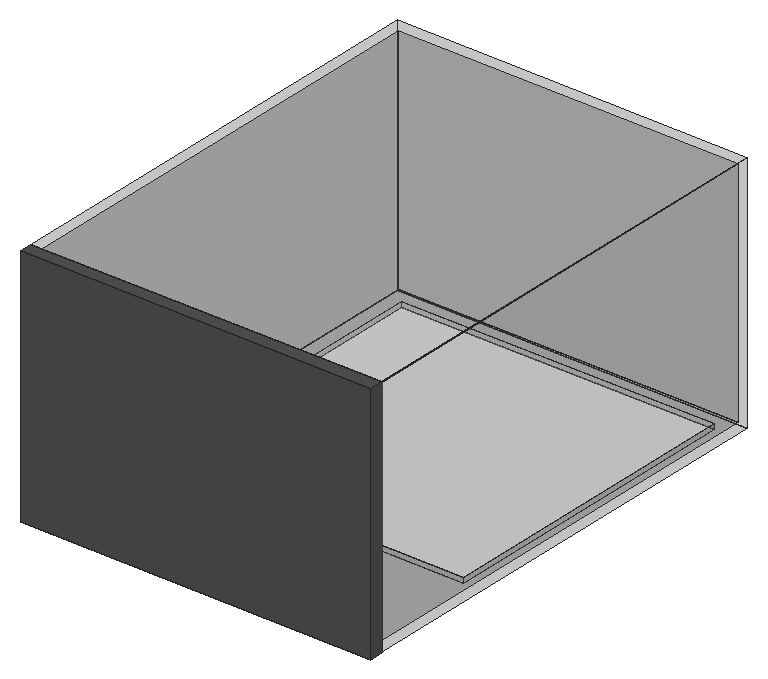
Revit family "Arandela - Quadrada", category Luminárias, Revit 2019
Family settings
  Hospedeiro = Parede
  Cota do conector redondo = Utilizar diâmetro
  Tipo de parte = Normal
  Número OmniClass = 23.80.70.00
  Título OmniClass = Lighting
  Sempre na vertical = Sim
  Corte com vazios quando carregada = Não
  Fonte luminosa = Sim
  Compartilhado = Não
  Ponto de cálculo do ambiente = Não
Parameters (values of type "130x90mm-100W")
  Wattage = 100 W
  Material montado na parede = Metal - Cromo
  built-in parameter 1150110 = 1 (stored number, unit not read)
  built-in parameter 1114217 = 1 (stored number, unit not read)
  Tilt Angle = 60.00°
  Espessura = Largura + 45 mm  # 175 mm
  Ângulo do ponto do campo = 30.00°
  Ângulo do ponto da viga = 15.00°
  Material de sombra = Vidro, Branco, Alta Luminosidade
  Comprimento do símbolo da fonte luminosa = Altura de montagem / (sin(Tilt Angle))  # 2540.341 mm
  Altura = 90 mm
  Largura = 130 mm
  built-in parameter 1150109 = 1 (stored number, unit not read)
  built-in parameter 1150134 = (empty or 0)
  built-in parameter 1150113 = 1 (stored number, unit not read)
  Altura de montagem = 2200 mm
  Material da luminária = Pano, Sombra da lâmpada
  Lumens = 14854.2 lm
  built-in parameter 1150115 = 1 (stored number, unit not read)
  built-in parameter 1150105 = 205177.2 (stored number, unit not read)
  built-in parameter 1150137 = (empty or 0)
  built-in parameter 1150139 = (empty or 0)
  built-in parameter 1150112 = 1 (stored number, unit not read)
  built-in parameter 1150114 = 1 (stored number, unit not read)
  built-in parameter 1150132 = (empty or 0)
  built-in parameter 1150102 = (empty or 0)
  built-in parameter 1150138 = (empty or 0)
  built-in parameter 1150107 = 3000 (stored number, unit not read)
  built-in parameter 1150106 = 2051.8 (stored number, unit not read)
  built-in parameter 1150104 = 13.8 (stored number, unit not read)
  Dimming Lamp Color Temperature Shift = (empty or 0)
  Color Filter = 16777215
  built-in parameter 1114218 = 1 (stored number, unit not read)
  built-in parameter 1150133 = 10 (stored number, unit not read)
Reference planes
  plane 1: y = 0
  plane 2 "Eixo de origem da luz (E/D)": x = 125
  plane 3 "Eixo da fonte de luz (F/T)": y = 185
  plane 4 "Elevação da origem da luz": z = 2200
  plane 5: z = 2245
  plane 6: z = 2155
  plane 7: z = 0
  plane 8: x = 190
  plane 9: x = 60
  plane 10: y = 120
  plane 11: z = 2245
  plane 12: z = 2155
  plane 13: y = 250
  plane 14: z = 2243
  plane 15: z = 2157
  plane 16: x = 62
  plane 17: x = 188
  plane 18: y = 248
  plane 19: y = 122
  plane 20: y = 243
  plane 21: x = 67
  plane 22: x = 183
  plane 23: y = 127
  plane 24: z = 2157
  plane 25: y = 80
  plane 26: y = 82
  plane 27: y = 87
Forms (mm)
  Extrusion 1, solid, material "Pano, Sombra da lâmpada" <- "Material da luminária"
    sketch origin (0, 0, 2200) x (1, 0, 0) y (0, 1, 0)
      loop
        line (60, 250) -> (60, 80) -> (190, 80) -> (190, 250) -> (60, 250)
      loop
        line (62, 248) -> (62, 82) -> (188, 82) -> (188, 248) -> (62, 248)
    from -45 to 45
  Extrusion 2, solid, material "Pano, Sombra da lâmpada" <- "Material da luminária"
    sketch origin (0, 0, 2200) x (1, 0, 0) y (0, 1, 0)
      loop
        line (62, 248) -> (62, 82) -> (188, 82) -> (188, 248) -> (62, 248)
    from 43 to 45
  Extrusion 3, solid, material "Metal - Cromo" <- "Material montado na parede"
    sketch origin (0, 0, 2200) x (1, 0, 0) y (0, 1, 0)
      loop
        line (60, 80) -> (60, 75) -> (190, 75) -> (190, 80) -> (60, 80)
    from -45 to 45
  Extrusion 4, solid, material "Vidro, Branco, Alta Luminosidade" <- "Material de sombra"
    sketch origin (0, 0, 2200) x (1, 0, 0) y (0, 1, 0)
      loop
        line (67, 243) -> (67, 127) -> (183, 127) -> (183, 243) -> (67, 243)
    from -45 to -43
  Extrusion 5, solid, material "Pano, Sombra da lâmpada" <- "Material da luminária"
    sketch origin (0, 0, 2200) x (1, 0, 0) y (0, 1, 0)
      loop
        line (62, 248) -> (62, 82) -> (188, 82) -> (188, 248) -> (62, 248)
      loop
        line (67, 243) -> (67, 127) -> (183, 127) -> (183, 243) -> (67, 243)
    from -45 to -43
Cuts and joins
  joined: Extrusion 1, Extrusion 2, Extrusion 5
Text (mm)
  text "Lado da coloca玢o" at (-1787.139, 1116.779, 0), in view "Nível de referência"
  text "Lado da coloca玢o" at (0, 2110.396, 2986.058), in view "Esquerda"
  text "Lado da coloca玢o" at (0, 628.478, 3011.967), in view "Direita"
Dimensions and locks
  "Altura de montagem": plane 7 to plane 4 "Elevação da origem da luz"
  equal spacing: plane 6, plane 4 "Elevação da origem da luz", plane 5
  "Altura": plane 6 to plane 5
  equal spacing: plane 9, plane 2 "Eixo de origem da luz (E/D)", plane 8
  "Largura": plane 9 to plane 8
  equal spacing: plane 12, plane 4 "Elevação da origem da luz", plane 11
  "Altura": plane 12 to plane 11
  equal spacing: plane 13, plane 3 "Eixo da fonte de luz (F/T)", plane 10
  "Largura": plane 13 to plane 10
  locked: plane 14 to plane 5 at 2
  locked: plane 6 to plane 15 at 2
  locked: plane 10 to plane 19 at 2
  locked: plane 13 to plane 18 at 2
  locked: plane 9 to plane 16 at 2
  locked: plane 17 to plane 8 at 2
  locked: plane 18 to plane 20 at 5
  locked: plane 16 to plane 21 at 5
  locked: plane 22 to plane 17 at 5
  locked: plane 23 to plane 19 at 5
  locked: plane 12 to plane 24 at 2
  "Espessura": plane 13 to host wall
  locked: plane 25 to host wall at 5
  plane 27 to plane 26 to plane 25 = 5 mm locked, 2 mm locked
  aligned and locked: plane 1 to host wall
  aligned and locked: plane 4 "Elevação da origem da luz" to imposter light
  aligned and locked: level to plane 7
  aligned and locked: plane 5 to Extrusion 1
  aligned and locked: plane 6 to Extrusion 1
  aligned and locked: Extrusion 2 to plane 14
  aligned and locked: plane 5 to Extrusion 2
  aligned and locked: Extrusion 3 to plane 12
  aligned and locked: plane 11 to Extrusion 3
  aligned and locked: plane 15 to Extrusion 4
  aligned and locked: plane 6 to Extrusion 4
  aligned and locked: plane 13 to Extrusion 1 sketch curve
  aligned and locked: Extrusion 1 sketch curve to plane 9
  aligned and locked: plane 8 to Extrusion 1 sketch curve
  aligned and locked: Extrusion 1 sketch curve to plane 18
  aligned and locked: Extrusion 1 sketch curve to plane 16
  aligned and locked: Extrusion 1 sketch curve to plane 17
  aligned and locked: Extrusion 2 sketch curve to plane 18
  aligned and locked: Extrusion 2 sketch curve to plane 16
  aligned and locked: Extrusion 2 sketch curve to plane 17
  aligned and locked: Extrusion 4 sketch curve to plane 20
  aligned and locked: plane 22 to Extrusion 4 sketch curve
  aligned and locked: plane 23 to Extrusion 4 sketch curve
  aligned and locked: plane 21 to Extrusion 4 sketch curve
  aligned and locked: Extrusion 5 sketch curve to plane 18
  aligned and locked: Extrusion 5 sketch curve to plane 16
  aligned and locked: Extrusion 5 sketch curve to plane 17
  aligned and locked: Extrusion 5 sketch curve to plane 20
  aligned and locked: plane 21 to Extrusion 5 sketch curve
  aligned and locked: plane 22 to Extrusion 5 sketch curve
  aligned and locked: plane 24 to Extrusion 5
  aligned and locked: Extrusion 5 to plane 12
  aligned and locked: Extrusion 3 sketch curve to cut or joined group of Extrusion 1, Extrusion 2, Extrusion 5
  aligned and locked: host wall to Extrusion 3 sketch curve
  aligned and locked: plane 8 to Extrusion 3 sketch curve
  aligned and locked: plane 3 "Eixo da fonte de luz (F/T)" to imposter light
  aligned and locked: plane 2 "Eixo de origem da luz (E/D)" to imposter light
  aligned and locked: Extrusion 3 sketch curve to plane 25
  aligned and locked: plane 25 to Extrusion 1 sketch curve
  aligned and locked: plane 26 to Extrusion 1 sketch curve
  aligned and locked: plane 26 to Extrusion 2 sketch curve
  aligned and locked: plane 23 to Extrusion 5 sketch curve
  aligned and locked: plane 26 to Extrusion 5 sketch curve
